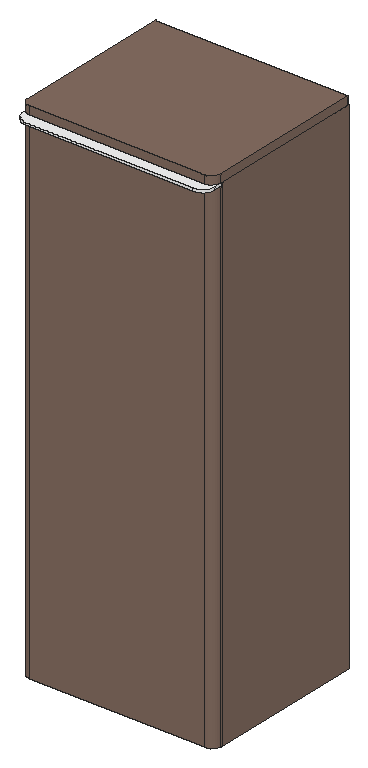
Revit family "mid-height cabinet, door hinge", category Furniture, Revit 2019 (continued)
Types (48, lengths in mm): name | SURFACE | SPECIFICATION | PRODUCTURL | PERMALINK | OBERFLAECHE | NB | NAME | Model | Mid-height cabinet 400_350, door hinge right-54134700-Dark Walnut-MATT_WHITE-400_RX0RY0RZ0TX0TY0TZ0_V | Mid-height cabinet 400_350, door hinge right-54134700-Dark Walnut-MATT_WHITE-200_RX0RY0RZ0TX0TY0TZ0_V | Mid-height cabinet 400_350, door hinge right-54134670-Dark Walnut-MATT_BLACK-400_RX0RY0RZ0TX0TY0TZ0_V | Mid-height cabinet 400_350, door hinge right-54134670-Dark Walnut-MATT_BLACK-200_RX0RY0RZ0TX0TY0TZ0_V | Mid-height cabinet 400_350, door hinge right-54134000-Dark Walnut-CHROME-400_RX0RY0RZ0TX0TY0TZ0_V | Mid-height cabinet 400_350, door hinge right-54134000-Dark Walnut-CHROME-200_RX0RY0RZ0TX0TY0TZ0_V | Mid-height cabinet 400_350, door hinge right-54133700-Natural Oak-MATT_WHITE-400_RX0RY0RZ0TX0TY0TZ0_V | Mid-height cabinet 400_350, door hinge right-54133700-Natural Oak-MATT_WHITE-200_RX0RY0RZ0TX0TY0TZ0_V | Mid-height cabinet 400_350, door hinge right-54133670-Natural Oak-MATT_BLACK-400_RX0RY0RZ0TX0TY0TZ0_V | Mid-height cabinet 400_350, door hinge right-54133670-Natural Oak-MATT_BLACK-200_RX0RY0RZ0TX0TY0TZ0_V | Mid-height cabinet 400_350, door hinge right-54133000-Natural Oak-CHROME-400_RX0RY0RZ0TX0TY0TZ0_V | Mid-height cabinet 400_350, door hinge right-54133000-Natural Oak-CHROME-200_RX0RY0RZ0TX0TY0TZ0_V | Mid-height cabinet 400_350, door hinge right-54132700-Diamond Matt Grey-MATT_WHITE-400_RX0RY0RZ0TX0TY0TZ0_V | Mid-height cabinet 400_350, door hinge right-54132700-Diamond Matt Grey-MATT_WHITE-200_RX0RY0RZ0TX0TY0TZ0_V | Mid-height cabinet 400_350, door hinge right-54132670-Diamond Matt Grey-MATT_BLACK-400_RX0RY0RZ0TX0TY0TZ0_V | Mid-height cabinet 400_350, door hinge right-54132670-Diamond Matt Grey-MATT_BLACK-200_RX0RY0RZ0TX0TY0TZ0_V | Mid-height cabinet 400_350, door hinge right-54132000-Diamond Matt Grey-CHROME-400_RX0RY0RZ0TX0TY0TZ0_V | Mid-height cabinet 400_350, door hinge right-54132000-Diamond Matt Grey-CHROME-200_RX0RY0RZ0TX0TY0TZ0_V | Mid-height cabinet 400_350, door hinge right-54131700-High Gloss White-MATT_WHITE-400_RX0RY0RZ0TX0TY0TZ0_V | Mid-height cabinet 400_350, door hinge right-54131700-High Gloss White-MATT_WHITE-200_RX0RY0RZ0TX0TY0TZ0_V | Mid-height cabinet 400_350, door hinge right-54131670-High Gloss White-MATT_BLACK-400_RX0RY0RZ0TX0TY0TZ0_V | Mid-height cabinet 400_350, door hinge right-54131670-High Gloss White-MATT_BLACK-200_RX0RY0RZ0TX0TY0TZ0_V | Mid-height cabinet 400_350, door hinge right-54131000-High Gloss White-CHROME-400_RX0RY0RZ0TX0TY0TZ0_V | Mid-height cabinet 400_350, door hinge right-54131000-High Gloss White-CHROME-200_RX0RY0RZ0TX0TY0TZ0_V | Mid-height cabinet 400_350, door hinge left-54130700-Dark Walnut-MATT_WHITE-400_RX0RY0RZ0TX0TY0TZ0_V | Mid-height cabinet 400_350, door hinge left-54130700-Dark Walnut-MATT_WHITE-200_RX0RY0RZ0TX0TY0TZ0_V | Mid-height cabinet 400_350, door hinge left-54130670-Dark Walnut-MATT_BLACK-400_RX0RY0RZ0TX0TY0TZ0_V | Mid-height cabinet 400_350, door hinge left-54130670-Dark Walnut-MATT_BLACK-200_RX0RY0RZ0TX0TY0TZ0_V | Mid-height cabinet 400_350, door hinge left-54130000-Dark Walnut-CHROME-400_RX0RY0RZ0TX0TY0TZ0_V | Mid-height cabinet 400_350, door hinge left-54130000-Dark Walnut-CHROME-200_RX0RY0RZ0TX0TY0TZ0_V | Mid-height cabinet 400_350, door hinge left-54129700-Natural Oak-MATT_WHITE-400_RX0RY0RZ0TX0TY0TZ0_V | Mid-height cabinet 400_350, door hinge left-54129700-Natural Oak-MATT_WHITE-200_RX0RY0RZ0TX0TY0TZ0_V | Mid-height cabinet 400_350, door hinge left-54129670-Natural Oak-MATT_BLACK-400_RX0RY0RZ0TX0TY0TZ0_V | Mid-height cabinet 400_350, door hinge left-54129670-Natural Oak-MATT_BLACK-200_RX0RY0RZ0TX0TY0TZ0_V | Mid-height cabinet 400_350, door hinge left-54129000-Natural Oak-CHROME-400_RX0RY0RZ0TX0TY0TZ0_V | Mid-height cabinet 400_350, door hinge left-54129000-Natural Oak-CHROME-200_RX0RY0RZ0TX0TY0TZ0_V | Mid-height cabinet 400_350, door hinge left-54128700-Diamond Matt Grey-MATT_WHITE-400_RX0RY0RZ0TX0TY0TZ0_V | Mid-height cabinet 400_350, door hinge left-54128700-Diamond Matt Grey-MATT_WHITE-200_RX0RY0RZ0TX0TY0TZ0_V | Mid-height cabinet 400_350, door hinge left-54128670-Diamond Matt Grey-MATT_BLACK-400_RX0RY0RZ0TX0TY0TZ0_V | Mid-height cabinet 400_350, door hinge left-54128670-Diamond Matt Grey-MATT_BLACK-200_RX0RY0RZ0TX0TY0TZ0_V | Mid-height cabinet 400_350, door hinge left-54128000-Diamond Matt Grey-CHROME-400_RX0RY0RZ0TX0TY0TZ0_V | Mid-height cabinet 400_350, door hinge left-54128000-Diamond Matt Grey-CHROME-200_RX0RY0RZ0TX0TY0TZ0_V | Mid-height cabinet 400_350, door hinge left-54127700-High Gloss White-MATT_WHITE-400_RX0RY0RZ0TX0TY0TZ0_V | Mid-height cabinet 400_350, door hinge left-54127700-High Gloss White-MATT_WHITE-200_RX0RY0RZ0TX0TY0TZ0_V | Mid-height cabinet 400_350, door hinge left-54127670-High Gloss White-MATT_BLACK-400_RX0RY0RZ0TX0TY0TZ0_V | Mid-height cabinet 400_350, door hinge left-54127670-High Gloss White-MATT_BLACK-200_RX0RY0RZ0TX0TY0TZ0_V | Mid-height cabinet 400_350, door hinge left-54127000-High Gloss White-CHROME-400_RX0RY0RZ0TX0TY0TZ0_V | Mid-height cabinet 400_350, door hinge left-54127000-High Gloss White-CHROME-200_RX0RY0RZ0TX0TY0TZ0_V | MIdent | LODLEVEL | LINA | GTINCODE | BASENUMBER | ARTNR
  Mid-height cabinet 400_350, door hinge left-54129700-Natural Oak-MATT_WHITE-400 | "MATT_WHITE" | "Surfaces:    - 54129000 Chrome  - 54129670 Matt Black  - 54129700 Matt White      Specification:" | "https://pro.hansgrohe.com/articledetail--54129000" | "54129XXX" | "Natural Oak" | "Mid-height cabinet 400/350, door hinge left-54129700-Natural Oak-MATT_WHITE-400" | "Xelu Q Mid-height cabinet Natural Oak 400/350, door hinge left" | "Mid-height cabinet 400/350, door hinge left-54129700-Natural Oak-MATT_WHITE-400" | no | no | no | no | no | no | no | no | no | no | no | no | no | no | no | no | no | no | no | no | no | no | no | no | no | no | no | no | no | no | yes | no | no | no | no | no | no | no | no | no | no | no | no | no | no | no | no | no | "{$CADENAS_DATA/23d-libs/hansgrohe/xelu_furniture/mid-height_cabinet_door_hinge/mid-height_cabinet_door_hinge.prj},330 {VTYP=3D},{NB=Mid-height cabinet 400/350, door hinge left-54129700-Natural Oak-MATT_WHITE-400},{LINA=Mid-height cabinet 400/350, door hinge left-54129700-Natural Oak-MATT_WHITE-400},{NN=Mid-height cabinet, door hinge},{DATE=13.03.2023 02:22:41},{GEOMDATE=13.03.2023 02:22:00},{VERSION=},{LINEID=90},{WBVAR=LODLEVEL},{WBNUMERIC=}  {NB=Mid-height cabinet 400/350, door hinge left-54129700-Natural Oak-MATT_WHITE-400},{LINA=Mid-height cabinet 400/350, door hinge left-54129700-Natural Oak-MATT_WHITE-400},{KT=DUMMY},{IDNR=9},{ARTNR=54129700},{BASENUMBER=Mid-height cabinet 400/350, door hinge left},{MODEL=54129XXX},{OBERFLAECHE=Natural Oak},{SURFACE=MATT_WHITE},{L=400},{LODLEVEL=400},{LODLEVELX='400','400','200','200'},{NAME=Xelu Q Mid-height cabinet Natural Oak 400/350, door hinge left},{PERMALINK=54129XXX},{OBJECTTYPE=Object (single object)},{BIMOBJECT=Sanitary: Compound units},{PRODUCTFAMILY=Xelu Q},{PRODUCTGROUP=bathroom vanity},{WEIGHT=25.3},{DESCRIPTION=Xelu Q Mid-height cabinet Natural Oak 400/350, door hinge left},{SPECIFICATION=Surfaces:    - 54129000 Chrome  - 54129670 Matt Black  - 54129700 Matt White      Specification:},{PRODUCTURL=https://pro.hansgrohe.com/articledetail--54129000},{GTINCODE=4059625458112},{TENDERURL=},{IFC=Furnishing element},{ETIM=EC011381 | Bathroom furniture set},{UNICLASS2015=Pr_40_30_78_05 | Bathroom furniture},{OMNICLASS=23-21 19 15 33 13 | Residential Bathroom Specialty Casework},{MASTERFORMAT=12 35 30.23 | Bathroom Casework},{UNSPSC=56 | Furniture and Furnishings},{UNIFORMATII=E2010 | Fixed Furnishings},{REGIONSET=Worldwide},{DESIGN=Germany},{MANUFACTURER=Germany}" | "400" | "Mid-height cabinet 400/350, door hinge left-54129700-Natural Oak-MATT_WHITE-400" | "4059625458112" | "Mid-height cabinet 400/350, door hinge left" | "54129700"
  Mid-height cabinet 400_350, door hinge left-54130000-Dark Walnut-CHROME-200 | "CHROME" | "Surfaces:    - 54130000 Chrome  - 54130670 Matt Black  - 54130700 Matt White      Specification:" | "https://pro.hansgrohe.com/articledetail--54130000" | "54130XXX" | "Dark Walnut" | "Mid-height cabinet 400/350, door hinge left-54130000-Dark Walnut-CHROME-200" | "Xelu Q Mid-height cabinet Dark Walnut 400/350, door hinge left" | "Mid-height cabinet 400/350, door hinge left-54130000-Dark Walnut-CHROME-200" | no | no | no | no | no | no | no | no | no | no | no | no | no | no | no | no | no | no | no | no | no | no | no | no | no | no | no | no | no | yes | no | no | no | no | no | no | no | no | no | no | no | no | no | no | no | no | no | no | "{$CADENAS_DATA/23d-libs/hansgrohe/xelu_furniture/mid-height_cabinet_door_hinge/mid-height_cabinet_door_hinge.prj},323 {VTYP=3D},{NB=Mid-height cabinet 400/350, door hinge left-54130000-Dark Walnut-CHROME-200},{LINA=Mid-height cabinet 400/350, door hinge left-54130000-Dark Walnut-CHROME-200},{NN=Mid-height cabinet, door hinge},{DATE=13.03.2023 02:22:41},{GEOMDATE=13.03.2023 02:22:00},{VERSION=},{LINEID=110},{WBVAR=LODLEVEL},{WBNUMERIC=}  {NB=Mid-height cabinet 400/350, door hinge left-54130000-Dark Walnut-CHROME-200},{LINA=Mid-height cabinet 400/350, door hinge left-54130000-Dark Walnut-CHROME-200},{KT=DUMMY},{IDNR=11},{ARTNR=54130000},{BASENUMBER=Mid-height cabinet 400/350, door hinge left},{MODEL=54130XXX},{OBERFLAECHE=Dark Walnut},{SURFACE=CHROME},{L=400},{LODLEVEL=200},{LODLEVELX='400','400','200','200'},{NAME=Xelu Q Mid-height cabinet Dark Walnut 400/350, door hinge left},{PERMALINK=54130XXX},{OBJECTTYPE=Object (single object)},{BIMOBJECT=Sanitary: Compound units},{PRODUCTFAMILY=Xelu Q},{PRODUCTGROUP=bathroom vanity},{WEIGHT=25.3},{DESCRIPTION=Xelu Q Mid-height cabinet Dark Walnut 400/350, door hinge left},{SPECIFICATION=Surfaces:    - 54130000 Chrome  - 54130670 Matt Black  - 54130700 Matt White      Specification:},{PRODUCTURL=https://pro.hansgrohe.com/articledetail--54130000},{GTINCODE=4059625458082},{TENDERURL=},{IFC=Furnishing element},{ETIM=EC011381 | Bathroom furniture set},{UNICLASS2015=Pr_40_30_78_05 | Bathroom furniture},{OMNICLASS=23-21 19 15 33 13 | Residential Bathroom Specialty Casework},{MASTERFORMAT=12 35 30.23 | Bathroom Casework},{UNSPSC=56 | Furniture and Furnishings},{UNIFORMATII=E2010 | Fixed Furnishings},{REGIONSET=Worldwide},{DESIGN=Germany},{MANUFACTURER=Germany}" | "200" | "Mid-height cabinet 400/350, door hinge left-54130000-Dark Walnut-CHROME-200" | "4059625458082" | "Mid-height cabinet 400/350, door hinge left" | "54130000"
  Mid-height cabinet 400_350, door hinge left-54130000-Dark Walnut-CHROME-400 | "CHROME" | "Surfaces:    - 54130000 Chrome  - 54130670 Matt Black  - 54130700 Matt White      Specification:" | "https://pro.hansgrohe.com/articledetail--54130000" | "54130XXX" | "Dark Walnut" | "Mid-height cabinet 400/350, door hinge left-54130000-Dark Walnut-CHROME-400" | "Xelu Q Mid-height cabinet Dark Walnut 400/350, door hinge left" | "Mid-height cabinet 400/350, door hinge left-54130000-Dark Walnut-CHROME-400" | no | no | no | no | no | no | no | no | no | no | no | no | no | no | no | no | no | no | no | no | no | no | no | no | no | no | no | no | yes | no | no | no | no | no | no | no | no | no | no | no | no | no | no | no | no | no | no | no | "{$CADENAS_DATA/23d-libs/hansgrohe/xelu_furniture/mid-height_cabinet_door_hinge/mid-height_cabinet_door_hinge.prj},323 {VTYP=3D},{NB=Mid-height cabinet 400/350, door hinge left-54130000-Dark Walnut-CHROME-400},{LINA=Mid-height cabinet 400/350, door hinge left-54130000-Dark Walnut-CHROME-400},{NN=Mid-height cabinet, door hinge},{DATE=13.03.2023 02:22:41},{GEOMDATE=13.03.2023 02:22:00},{VERSION=},{LINEID=110},{WBVAR=LODLEVEL},{WBNUMERIC=}  {NB=Mid-height cabinet 400/350, door hinge left-54130000-Dark Walnut-CHROME-400},{LINA=Mid-height cabinet 400/350, door hinge left-54130000-Dark Walnut-CHROME-400},{KT=DUMMY},{IDNR=11},{ARTNR=54130000},{BASENUMBER=Mid-height cabinet 400/350, door hinge left},{MODEL=54130XXX},{OBERFLAECHE=Dark Walnut},{SURFACE=CHROME},{L=400},{LODLEVEL=400},{LODLEVELX='400','400','200','200'},{NAME=Xelu Q Mid-height cabinet Dark Walnut 400/350, door hinge left},{PERMALINK=54130XXX},{OBJECTTYPE=Object (single object)},{BIMOBJECT=Sanitary: Compound units},{PRODUCTFAMILY=Xelu Q},{PRODUCTGROUP=bathroom vanity},{WEIGHT=25.3},{DESCRIPTION=Xelu Q Mid-height cabinet Dark Walnut 400/350, door hinge left},{SPECIFICATION=Surfaces:    - 54130000 Chrome  - 54130670 Matt Black  - 54130700 Matt White      Specification:},{PRODUCTURL=https://pro.hansgrohe.com/articledetail--54130000},{GTINCODE=4059625458082},{TENDERURL=},{IFC=Furnishing element},{ETIM=EC011381 | Bathroom furniture set},{UNICLASS2015=Pr_40_30_78_05 | Bathroom furniture},{OMNICLASS=23-21 19 15 33 13 | Residential Bathroom Specialty Casework},{MASTERFORMAT=12 35 30.23 | Bathroom Casework},{UNSPSC=56 | Furniture and Furnishings},{UNIFORMATII=E2010 | Fixed Furnishings},{REGIONSET=Worldwide},{DESIGN=Germany},{MANUFACTURER=Germany}" | "400" | "Mid-height cabinet 400/350, door hinge left-54130000-Dark Walnut-CHROME-400" | "4059625458082" | "Mid-height cabinet 400/350, door hinge left" | "54130000"
  Mid-height cabinet 400_350, door hinge left-54130670-Dark Walnut-MATT_BLACK-200 | "MATT_BLACK" | "Surfaces:    - 54130000 Chrome  - 54130670 Matt Black  - 54130700 Matt White      Specification:" | "https://pro.hansgrohe.com/articledetail--54130000" | "54130XXX" | "Dark Walnut" | "Mid-height cabinet 400/350, door hinge left-54130670-Dark Walnut-MATT_BLACK-200" | "Xelu Q Mid-height cabinet Dark Walnut 400/350, door hinge left" | "Mid-height cabinet 400/350, door hinge left-54130670-Dark Walnut-MATT_BLACK-200" | no | no | no | no | no | no | no | no | no | no | no | no | no | no | no | no | no | no | no | no | no | no | no | no | no | no | no | yes | no | no | no | no | no | no | no | no | no | no | no | no | no | no | no | no | no | no | no | no | "{$CADENAS_DATA/23d-libs/hansgrohe/xelu_furniture/mid-height_cabinet_door_hinge/mid-height_cabinet_door_hinge.prj},331 {VTYP=3D},{NB=Mid-height cabinet 400/350, door hinge left-54130670-Dark Walnut-MATT_BLACK-200},{LINA=Mid-height cabinet 400/350, door hinge left-54130670-Dark Walnut-MATT_BLACK-200},{NN=Mid-height cabinet, door hinge},{DATE=13.03.2023 02:22:41},{GEOMDATE=13.03.2023 02:22:00},{VERSION=},{LINEID=100},{WBVAR=LODLEVEL},{WBNUMERIC=}  {NB=Mid-height cabinet 400/350, door hinge left-54130670-Dark Walnut-MATT_BLACK-200},{LINA=Mid-height cabinet 400/350, door hinge left-54130670-Dark Walnut-MATT_BLACK-200},{KT=DUMMY},{IDNR=10},{ARTNR=54130670},{BASENUMBER=Mid-height cabinet 400/350, door hinge left},{MODEL=54130XXX},{OBERFLAECHE=Dark Walnut},{SURFACE=MATT_BLACK},{L=400},{LODLEVEL=200},{LODLEVELX='400','400','200','200'},{NAME=Xelu Q Mid-height cabinet Dark Walnut 400/350, door hinge left},{PERMALINK=54130XXX},{OBJECTTYPE=Object (single object)},{BIMOBJECT=Sanitary: Compound units},{PRODUCTFAMILY=Xelu Q},{PRODUCTGROUP=bathroom vanity},{WEIGHT=25.3},{DESCRIPTION=Xelu Q Mid-height cabinet Dark Walnut 400/350, door hinge left},{SPECIFICATION=Surfaces:    - 54130000 Chrome  - 54130670 Matt Black  - 54130700 Matt White      Specification:},{PRODUCTURL=https://pro.hansgrohe.com/articledetail--54130000},{GTINCODE=4059625458082},{TENDERURL=},{IFC=Furnishing element},{ETIM=EC011381 | Bathroom furniture set},{UNICLASS2015=Pr_40_30_78_05 | Bathroom furniture},{OMNICLASS=23-21 19 15 33 13 | Residential Bathroom Specialty Casework},{MASTERFORMAT=12 35 30.23 | Bathroom Casework},{UNSPSC=56 | Furniture and Furnishings},{UNIFORMATII=E2010 | Fixed Furnishings},{REGIONSET=Worldwide},{DESIGN=Germany},{MANUFACTURER=Germany}" | "200" | "Mid-height cabinet 400/350, door hinge left-54130670-Dark Walnut-MATT_BLACK-200" | "4059625458082" | "Mid-height cabinet 400/350, door hinge left" | "54130670"
  Mid-height cabinet 400_350, door hinge left-54130670-Dark Walnut-MATT_BLACK-400 | "MATT_BLACK" | "Surfaces:    - 54130000 Chrome  - 54130670 Matt Black  - 54130700 Matt White      Specification:" | "https://pro.hansgrohe.com/articledetail--54130000" | "54130XXX" | "Dark Walnut" | "Mid-height cabinet 400/350, door hinge left-54130670-Dark Walnut-MATT_BLACK-400" | "Xelu Q Mid-height cabinet Dark Walnut 400/350, door hinge left" | "Mid-height cabinet 400/350, door hinge left-54130670-Dark Walnut-MATT_BLACK-400" | no | no | no | no | no | no | no | no | no | no | no | no | no | no | no | no | no | no | no | no | no | no | no | no | no | no | yes | no | no | no | no | no | no | no | no | no | no | no | no | no | no | no | no | no | no | no | no | no | "{$CADENAS_DATA/23d-libs/hansgrohe/xelu_furniture/mid-height_cabinet_door_hinge/mid-height_cabinet_door_hinge.prj},331 {VTYP=3D},{NB=Mid-height cabinet 400/350, door hinge left-54130670-Dark Walnut-MATT_BLACK-400},{LINA=Mid-height cabinet 400/350, door hinge left-54130670-Dark Walnut-MATT_BLACK-400},{NN=Mid-height cabinet, door hinge},{DATE=13.03.2023 02:22:41},{GEOMDATE=13.03.2023 02:22:00},{VERSION=},{LINEID=100},{WBVAR=LODLEVEL},{WBNUMERIC=}  {NB=Mid-height cabinet 400/350, door hinge left-54130670-Dark Walnut-MATT_BLACK-400},{LINA=Mid-height cabinet 400/350, door hinge left-54130670-Dark Walnut-MATT_BLACK-400},{KT=DUMMY},{IDNR=10},{ARTNR=54130670},{BASENUMBER=Mid-height cabinet 400/350, door hinge left},{MODEL=54130XXX},{OBERFLAECHE=Dark Walnut},{SURFACE=MATT_BLACK},{L=400},{LODLEVEL=400},{LODLEVELX='400','400','200','200'},{NAME=Xelu Q Mid-height cabinet Dark Walnut 400/350, door hinge left},{PERMALINK=54130XXX},{OBJECTTYPE=Object (single object)},{BIMOBJECT=Sanitary: Compound units},{PRODUCTFAMILY=Xelu Q},{PRODUCTGROUP=bathroom vanity},{WEIGHT=25.3},{DESCRIPTION=Xelu Q Mid-height cabinet Dark Walnut 400/350, door hinge left},{SPECIFICATION=Surfaces:    - 54130000 Chrome  - 54130670 Matt Black  - 54130700 Matt White      Specification:},{PRODUCTURL=https://pro.hansgrohe.com/articledetail--54130000},{GTINCODE=4059625458082},{TENDERURL=},{IFC=Furnishing element},{ETIM=EC011381 | Bathroom furniture set},{UNICLASS2015=Pr_40_30_78_05 | Bathroom furniture},{OMNICLASS=23-21 19 15 33 13 | Residential Bathroom Specialty Casework},{MASTERFORMAT=12 35 30.23 | Bathroom Casework},{UNSPSC=56 | Furniture and Furnishings},{UNIFORMATII=E2010 | Fixed Furnishings},{REGIONSET=Worldwide},{DESIGN=Germany},{MANUFACTURER=Germany}" | "400" | "Mid-height cabinet 400/350, door hinge left-54130670-Dark Walnut-MATT_BLACK-400" | "4059625458082" | "Mid-height cabinet 400/350, door hinge left" | "54130670"
  Mid-height cabinet 400_350, door hinge left-54130700-Dark Walnut-MATT_WHITE-200 | "MATT_WHITE" | "Surfaces:    - 54130000 Chrome  - 54130670 Matt Black  - 54130700 Matt White      Specification:" | "https://pro.hansgrohe.com/articledetail--54130000" | "54130XXX" | "Dark Walnut" | "Mid-height cabinet 400/350, door hinge left-54130700-Dark Walnut-MATT_WHITE-200" | "Xelu Q Mid-height cabinet Dark Walnut 400/350, door hinge left" | "Mid-height cabinet 400/350, door hinge left-54130700-Dark Walnut-MATT_WHITE-200" | no | no | no | no | no | no | no | no | no | no | no | no | no | no | no | no | no | no | no | no | no | no | no | no | no | yes | no | no | no | no | no | no | no | no | no | no | no | no | no | no | no | no | no | no | no | no | no | no | "{$CADENAS_DATA/23d-libs/hansgrohe/xelu_furniture/mid-height_cabinet_door_hinge/mid-height_cabinet_door_hinge.prj},331 {VTYP=3D},{NB=Mid-height cabinet 400/350, door hinge left-54130700-Dark Walnut-MATT_WHITE-200},{LINA=Mid-height cabinet 400/350, door hinge left-54130700-Dark Walnut-MATT_WHITE-200},{NN=Mid-height cabinet, door hinge},{DATE=13.03.2023 02:22:41},{GEOMDATE=13.03.2023 02:22:00},{VERSION=},{LINEID=120},{WBVAR=LODLEVEL},{WBNUMERIC=}  {NB=Mid-height cabinet 400/350, door hinge left-54130700-Dark Walnut-MATT_WHITE-200},{LINA=Mid-height cabinet 400/350, door hinge left-54130700-Dark Walnut-MATT_WHITE-200},{KT=DUMMY},{IDNR=12},{ARTNR=54130700},{BASENUMBER=Mid-height cabinet 400/350, door hinge left},{MODEL=54130XXX},{OBERFLAECHE=Dark Walnut},{SURFACE=MATT_WHITE},{L=400},{LODLEVEL=200},{LODLEVELX='400','400','200','200'},{NAME=Xelu Q Mid-height cabinet Dark Walnut 400/350, door hinge left},{PERMALINK=54130XXX},{OBJECTTYPE=Object (single object)},{BIMOBJECT=Sanitary: Compound units},{PRODUCTFAMILY=Xelu Q},{PRODUCTGROUP=bathroom vanity},{WEIGHT=25.3},{DESCRIPTION=Xelu Q Mid-height cabinet Dark Walnut 400/350, door hinge left},{SPECIFICATION=Surfaces:    - 54130000 Chrome  - 54130670 Matt Black  - 54130700 Matt White      Specification:},{PRODUCTURL=https://pro.hansgrohe.com/articledetail--54130000},{GTINCODE=4059625458082},{TENDERURL=},{IFC=Furnishing element},{ETIM=EC011381 | Bathroom furniture set},{UNICLASS2015=Pr_40_30_78_05 | Bathroom furniture},{OMNICLASS=23-21 19 15 33 13 | Residential Bathroom Specialty Casework},{MASTERFORMAT=12 35 30.23 | Bathroom Casework},{UNSPSC=56 | Furniture and Furnishings},{UNIFORMATII=E2010 | Fixed Furnishings},{REGIONSET=Worldwide},{DESIGN=Germany},{MANUFACTURER=Germany}" | "200" | "Mid-height cabinet 400/350, door hinge left-54130700-Dark Walnut-MATT_WHITE-200" | "4059625458082" | "Mid-height cabinet 400/350, door hinge left" | "54130700"
  Mid-height cabinet 400_350, door hinge left-54130700-Dark Walnut-MATT_WHITE-400 | "MATT_WHITE" | "Surfaces:    - 54130000 Chrome  - 54130670 Matt Black  - 54130700 Matt White      Specification:" | "https://pro.hansgrohe.com/articledetail--54130000" | "54130XXX" | "Dark Walnut" | "Mid-height cabinet 400/350, door hinge left-54130700-Dark Walnut-MATT_WHITE-400" | "Xelu Q Mid-height cabinet Dark Walnut 400/350, door hinge left" | "Mid-height cabinet 400/350, door hinge left-54130700-Dark Walnut-MATT_WHITE-400" | no | no | no | no | no | no | no | no | no | no | no | no | no | no | no | no | no | no | no | no | no | no | no | no | yes | no | no | no | no | no | no | no | no | no | no | no | no | no | no | no | no | no | no | no | no | no | no | no | "{$CADENAS_DATA/23d-libs/hansgrohe/xelu_furniture/mid-height_cabinet_door_hinge/mid-height_cabinet_door_hinge.prj},331 {VTYP=3D},{NB=Mid-height cabinet 400/350, door hinge left-54130700-Dark Walnut-MATT_WHITE-400},{LINA=Mid-height cabinet 400/350, door hinge left-54130700-Dark Walnut-MATT_WHITE-400},{NN=Mid-height cabinet, door hinge},{DATE=13.03.2023 02:22:41},{GEOMDATE=13.03.2023 02:22:00},{VERSION=},{LINEID=120},{WBVAR=LODLEVEL},{WBNUMERIC=}  {NB=Mid-height cabinet 400/350, door hinge left-54130700-Dark Walnut-MATT_WHITE-400},{LINA=Mid-height cabinet 400/350, door hinge left-54130700-Dark Walnut-MATT_WHITE-400},{KT=DUMMY},{IDNR=12},{ARTNR=54130700},{BASENUMBER=Mid-height cabinet 400/350, door hinge left},{MODEL=54130XXX},{OBERFLAECHE=Dark Walnut},{SURFACE=MATT_WHITE},{L=400},{LODLEVEL=400},{LODLEVELX='400','400','200','200'},{NAME=Xelu Q Mid-height cabinet Dark Walnut 400/350, door hinge left},{PERMALINK=54130XXX},{OBJECTTYPE=Object (single object)},{BIMOBJECT=Sanitary: Compound units},{PRODUCTFAMILY=Xelu Q},{PRODUCTGROUP=bathroom vanity},{WEIGHT=25.3},{DESCRIPTION=Xelu Q Mid-height cabinet Dark Walnut 400/350, door hinge left},{SPECIFICATION=Surfaces:    - 54130000 Chrome  - 54130670 Matt Black  - 54130700 Matt White      Specification:},{PRODUCTURL=https://pro.hansgrohe.com/articledetail--54130000},{GTINCODE=4059625458082},{TENDERURL=},{IFC=Furnishing element},{ETIM=EC011381 | Bathroom furniture set},{UNICLASS2015=Pr_40_30_78_05 | Bathroom furniture},{OMNICLASS=23-21 19 15 33 13 | Residential Bathroom Specialty Casework},{MASTERFORMAT=12 35 30.23 | Bathroom Casework},{UNSPSC=56 | Furniture and Furnishings},{UNIFORMATII=E2010 | Fixed Furnishings},{REGIONSET=Worldwide},{DESIGN=Germany},{MANUFACTURER=Germany}" | "400" | "Mid-height cabinet 400/350, door hinge left-54130700-Dark Walnut-MATT_WHITE-400" | "4059625458082" | "Mid-height cabinet 400/350, door hinge left" | "54130700"
  Mid-height cabinet 400_350, door hinge right-54131000-High Gloss White-CHROME-200 | "CHROME" | "Surfaces:    - 54131000 Chrome  - 54131670 Matt Black  - 54131700 Matt White      Specification:" | "https://pro.hansgrohe.com/articledetail--54131000" | "54131XXX" | "High Gloss White" | "Mid-height cabinet 400/350, door hinge right-54131000-High Gloss White-CHROME-200" | "Xelu Q Mid-height cabinet High Gloss White 400/350, door hinge right" | "Mid-height cabinet 400/350, door hinge right-54131000-High Gloss White-CHROME-200" | no | no | no | no | no | no | no | no | no | no | no | no | no | no | no | no | no | no | no | no | no | no | no | yes | no | no | no | no | no | no | no | no | no | no | no | no | no | no | no | no | no | no | no | no | no | no | no | no | "{$CADENAS_DATA/23d-libs/hansgrohe/xelu_furniture/mid-height_cabinet_door_hinge/mid-height_cabinet_door_hinge.prj},335 {VTYP=3D},{NB=Mid-height cabinet 400/350, door hinge right-54131000-High Gloss White-CHROME-200},{LINA=Mid-height cabinet 400/350, door hinge right-54131000-High Gloss White-CHROME-200},{NN=Mid-height cabinet, door hinge},{DATE=13.03.2023 02:22:41},{GEOMDATE=13.03.2023 02:22:00},{VERSION=},{LINEID=130},{WBVAR=LODLEVEL},{WBNUMERIC=}  {NB=Mid-height cabinet 400/350, door hinge right-54131000-High Gloss White-CHROME-200},{LINA=Mid-height cabinet 400/350, door hinge right-54131000-High Gloss White-CHROME-200},{KT=DUMMY},{IDNR=13},{ARTNR=54131000},{BASENUMBER=Mid-height cabinet 400/350, door hinge right},{MODEL=54131XXX},{OBERFLAECHE=High Gloss White},{SURFACE=CHROME},{L=400},{LODLEVEL=200},{LODLEVELX='400','400','200','200'},{NAME=Xelu Q Mid-height cabinet High Gloss White 400/350, door hinge right},{PERMALINK=54131XXX},{OBJECTTYPE=Object (single object)},{BIMOBJECT=Sanitary: Compound units},{PRODUCTFAMILY=Xelu Q},{PRODUCTGROUP=bathroom vanity},{WEIGHT=25.3},{DESCRIPTION=Xelu Q Mid-height cabinet High Gloss White 400/350, door hinge right},{SPECIFICATION=Surfaces:    - 54131000 Chrome  - 54131670 Matt Black  - 54131700 Matt White      Specification:},{PRODUCTURL=https://pro.hansgrohe.com/articledetail--54131000},{GTINCODE=4059625458051},{TENDERURL=},{IFC=Furnishing element},{ETIM=EC011381 | Bathroom furniture set},{UNICLASS2015=Pr_40_30_78_05 | Bathroom furniture},{OMNICLASS=23-21 19 15 33 13 | Residential Bathroom Specialty Casework},{MASTERFORMAT=12 35 30.23 | Bathroom Casework},{UNSPSC=56 | Furniture and Furnishings},{UNIFORMATII=E2010 | Fixed Furnishings},{REGIONSET=Worldwide},{DESIGN=Germany},{MANUFACTURER=Germany}" | "200" | "Mid-height cabinet 400/350, door hinge right-54131000-High Gloss White-CHROME-200" | "4059625458051" | "Mid-height cabinet 400/350, door hinge right" | "54131000"
  Mid-height cabinet 400_350, door hinge right-54131000-High Gloss White-CHROME-400 | "CHROME" | "Surfaces:    - 54131000 Chrome  - 54131670 Matt Black  - 54131700 Matt White      Specification:" | "https://pro.hansgrohe.com/articledetail--54131000" | "54131XXX" | "High Gloss White" | "Mid-height cabinet 400/350, door hinge right-54131000-High Gloss White-CHROME-400" | "Xelu Q Mid-height cabinet High Gloss White 400/350, door hinge right" | "Mid-height cabinet 400/350, door hinge right-54131000-High Gloss White-CHROME-400" | no | no | no | no | no | no | no | no | no | no | no | no | no | no | no | no | no | no | no | no | no | no | yes | no | no | no | no | no | no | no | no | no | no | no | no | no | no | no | no | no | no | no | no | no | no | no | no | no | "{$CADENAS_DATA/23d-libs/hansgrohe/xelu_furniture/mid-height_cabinet_door_hinge/mid-height_cabinet_door_hinge.prj},335 {VTYP=3D},{NB=Mid-height cabinet 400/350, door hinge right-54131000-High Gloss White-CHROME-400},{LINA=Mid-height cabinet 400/350, door hinge right-54131000-High Gloss White-CHROME-400},{NN=Mid-height cabinet, door hinge},{DATE=13.03.2023 02:22:41},{GEOMDATE=13.03.2023 02:22:00},{VERSION=},{LINEID=130},{WBVAR=LODLEVEL},{WBNUMERIC=}  {NB=Mid-height cabinet 400/350, door hinge right-54131000-High Gloss White-CHROME-400},{LINA=Mid-height cabinet 400/350, door hinge right-54131000-High Gloss White-CHROME-400},{KT=DUMMY},{IDNR=13},{ARTNR=54131000},{BASENUMBER=Mid-height cabinet 400/350, door hinge right},{MODEL=54131XXX},{OBERFLAECHE=High Gloss White},{SURFACE=CHROME},{L=400},{LODLEVEL=400},{LODLEVELX='400','400','200','200'},{NAME=Xelu Q Mid-height cabinet High Gloss White 400/350, door hinge right},{PERMALINK=54131XXX},{OBJECTTYPE=Object (single object)},{BIMOBJECT=Sanitary: Compound units},{PRODUCTFAMILY=Xelu Q},{PRODUCTGROUP=bathroom vanity},{WEIGHT=25.3},{DESCRIPTION=Xelu Q Mid-height cabinet High Gloss White 400/350, door hinge right},{SPECIFICATION=Surfaces:    - 54131000 Chrome  - 54131670 Matt Black  - 54131700 Matt White      Specification:},{PRODUCTURL=https://pro.hansgrohe.com/articledetail--54131000},{GTINCODE=4059625458051},{TENDERURL=},{IFC=Furnishing element},{ETIM=EC011381 | Bathroom furniture set},{UNICLASS2015=Pr_40_30_78_05 | Bathroom furniture},{OMNICLASS=23-21 19 15 33 13 | Residential Bathroom Specialty Casework},{MASTERFORMAT=12 35 30.23 | Bathroom Casework},{UNSPSC=56 | Furniture and Furnishings},{UNIFORMATII=E2010 | Fixed Furnishings},{REGIONSET=Worldwide},{DESIGN=Germany},{MANUFACTURER=Germany}" | "400" | "Mid-height cabinet 400/350, door hinge right-54131000-High Gloss White-CHROME-400" | "4059625458051" | "Mid-height cabinet 400/350, door hinge right" | "54131000"
  Mid-height cabinet 400_350, door hinge right-54131670-High Gloss White-MATT_BLACK-200 | "MATT_BLACK" | "Surfaces:    - 54131000 Chrome  - 54131670 Matt Black  - 54131700 Matt White      Specification:" | "https://pro.hansgrohe.com/articledetail--54131000" | "54131XXX" | "High Gloss White" | "Mid-height cabinet 400/350, door hinge right-54131670-High Gloss White-MATT_BLACK-200" | "Xelu Q Mid-height cabinet High Gloss White 400/350, door hinge right" | "Mid-height cabinet 400/350, door hinge right-54131670-High Gloss White-MATT_BLACK-200" | no | no | no | no | no | no | no | no | no | no | no | no | no | no | no | no | no | no | no | no | no | yes | no | no | no | no | no | no | no | no | no | no | no | no | no | no | no | no | no | no | no | no | no | no | no | no | no | no | "{$CADENAS_DATA/23d-libs/hansgrohe/xelu_furniture/mid-height_cabinet_door_hinge/mid-height_cabinet_door_hinge.prj},343 {VTYP=3D},{NB=Mid-height cabinet 400/350, door hinge right-54131670-High Gloss White-MATT_BLACK-200},{LINA=Mid-height cabinet 400/350, door hinge right-54131670-High Gloss White-MATT_BLACK-200},{NN=Mid-height cabinet, door hinge},{DATE=13.03.2023 02:22:41},{GEOMDATE=13.03.2023 02:22:00},{VERSION=},{LINEID=150},{WBVAR=LODLEVEL},{WBNUMERIC=}  {NB=Mid-height cabinet 400/350, door hinge right-54131670-High Gloss White-MATT_BLACK-200},{LINA=Mid-height cabinet 400/350, door hinge right-54131670-High Gloss White-MATT_BLACK-200},{KT=DUMMY},{IDNR=15},{ARTNR=54131670},{BASENUMBER=Mid-height cabinet 400/350, door hinge right},{MODEL=54131XXX},{OBERFLAECHE=High Gloss White},{SURFACE=MATT_BLACK},{L=400},{LODLEVEL=200},{LODLEVELX='400','400','200','200'},{NAME=Xelu Q Mid-height cabinet High Gloss White 400/350, door hinge right},{PERMALINK=54131XXX},{OBJECTTYPE=Object (single object)},{BIMOBJECT=Sanitary: Compound units},{PRODUCTFAMILY=Xelu Q},{PRODUCTGROUP=bathroom vanity},{WEIGHT=25.3},{DESCRIPTION=Xelu Q Mid-height cabinet High Gloss White 400/350, door hinge right},{SPECIFICATION=Surfaces:    - 54131000 Chrome  - 54131670 Matt Black  - 54131700 Matt White      Specification:},{PRODUCTURL=https://pro.hansgrohe.com/articledetail--54131000},{GTINCODE=4059625458051},{TENDERURL=},{IFC=Furnishing element},{ETIM=EC011381 | Bathroom furniture set},{UNICLASS2015=Pr_40_30_78_05 | Bathroom furniture},{OMNICLASS=23-21 19 15 33 13 | Residential Bathroom Specialty Casework},{MASTERFORMAT=12 35 30.23 | Bathroom Casework},{UNSPSC=56 | Furniture and Furnishings},{UNIFORMATII=E2010 | Fixed Furnishings},{REGIONSET=Worldwide},{DESIGN=Germany},{MANUFACTURER=Germany}" | "200" | "Mid-height cabinet 400/350, door hinge right-54131670-High Gloss White-MATT_BLACK-200" | "4059625458051" | "Mid-height cabinet 400/350, door hinge right" | "54131670"
  Mid-height cabinet 400_350, door hinge right-54131670-High Gloss White-MATT_BLACK-400 | "MATT_BLACK" | "Surfaces:    - 54131000 Chrome  - 54131670 Matt Black  - 54131700 Matt White      Specification:" | "https://pro.hansgrohe.com/articledetail--54131000" | "54131XXX" | "High Gloss White" | "Mid-height cabinet 400/350, door hinge right-54131670-High Gloss White-MATT_BLACK-400" | "Xelu Q Mid-height cabinet High Gloss White 400/350, door hinge right" | "Mid-height cabinet 400/350, door hinge right-54131670-High Gloss White-MATT_BLACK-400" | no | no | no | no | no | no | no | no | no | no | no | no | no | no | no | no | no | no | no | no | yes | no | no | no | no | no | no | no | no | no | no | no | no | no | no | no | no | no | no | no | no | no | no | no | no | no | no | no | "{$CADENAS_DATA/23d-libs/hansgrohe/xelu_furniture/mid-height_cabinet_door_hinge/mid-height_cabinet_door_hinge.prj},343 {VTYP=3D},{NB=Mid-height cabinet 400/350, door hinge right-54131670-High Gloss White-MATT_BLACK-400},{LINA=Mid-height cabinet 400/350, door hinge right-54131670-High Gloss White-MATT_BLACK-400},{NN=Mid-height cabinet, door hinge},{DATE=13.03.2023 02:22:41},{GEOMDATE=13.03.2023 02:22:00},{VERSION=},{LINEID=150},{WBVAR=LODLEVEL},{WBNUMERIC=}  {NB=Mid-height cabinet 400/350, door hinge right-54131670-High Gloss White-MATT_BLACK-400},{LINA=Mid-height cabinet 400/350, door hinge right-54131670-High Gloss White-MATT_BLACK-400},{KT=DUMMY},{IDNR=15},{ARTNR=54131670},{BASENUMBER=Mid-height cabinet 400/350, door hinge right},{MODEL=54131XXX},{OBERFLAECHE=High Gloss White},{SURFACE=MATT_BLACK},{L=400},{LODLEVEL=400},{LODLEVELX='400','400','200','200'},{NAME=Xelu Q Mid-height cabinet High Gloss White 400/350, door hinge right},{PERMALINK=54131XXX},{OBJECTTYPE=Object (single object)},{BIMOBJECT=Sanitary: Compound units},{PRODUCTFAMILY=Xelu Q},{PRODUCTGROUP=bathroom vanity},{WEIGHT=25.3},{DESCRIPTION=Xelu Q Mid-height cabinet High Gloss White 400/350, door hinge right},{SPECIFICATION=Surfaces:    - 54131000 Chrome  - 54131670 Matt Black  - 54131700 Matt White      Specification:},{PRODUCTURL=https://pro.hansgrohe.com/articledetail--54131000},{GTINCODE=4059625458051},{TENDERURL=},{IFC=Furnishing element},{ETIM=EC011381 | Bathroom furniture set},{UNICLASS2015=Pr_40_30_78_05 | Bathroom furniture},{OMNICLASS=23-21 19 15 33 13 | Residential Bathroom Specialty Casework},{MASTERFORMAT=12 35 30.23 | Bathroom Casework},{UNSPSC=56 | Furniture and Furnishings},{UNIFORMATII=E2010 | Fixed Furnishings},{REGIONSET=Worldwide},{DESIGN=Germany},{MANUFACTURER=Germany}" | "400" | "Mid-height cabinet 400/350, door hinge right-54131670-High Gloss White-MATT_BLACK-400" | "4059625458051" | "Mid-height cabinet 400/350, door hinge right" | "54131670"
  Mid-height cabinet 400_350, door hinge right-54131700-High Gloss White-MATT_WHITE-200 | "MATT_WHITE" | "Surfaces:    - 54131000 Chrome  - 54131670 Matt Black  - 54131700 Matt White      Specification:" | "https://pro.hansgrohe.com/articledetail--54131000" | "54131XXX" | "High Gloss White" | "Mid-height cabinet 400/350, door hinge right-54131700-High Gloss White-MATT_WHITE-200" | "Xelu Q Mid-height cabinet High Gloss White 400/350, door hinge right" | "Mid-height cabinet 400/350, door hinge right-54131700-High Gloss White-MATT_WHITE-200" | no | no | no | no | no | no | no | no | no | no | no | no | no | no | no | no | no | no | no | yes | no | no | no | no | no | no | no | no | no | no | no | no | no | no | no | no | no | no | no | no | no | no | no | no | no | no | no | no | "{$CADENAS_DATA/23d-libs/hansgrohe/xelu_furniture/mid-height_cabinet_door_hinge/mid-height_cabinet_door_hinge.prj},343 {VTYP=3D},{NB=Mid-height cabinet 400/350, door hinge right-54131700-High Gloss White-MATT_WHITE-200},{LINA=Mid-height cabinet 400/350, door hinge right-54131700-High Gloss White-MATT_WHITE-200},{NN=Mid-height cabinet, door hinge},{DATE=13.03.2023 02:22:41},{GEOMDATE=13.03.2023 02:22:00},{VERSION=},{LINEID=140},{WBVAR=LODLEVEL},{WBNUMERIC=}  {NB=Mid-height cabinet 400/350, door hinge right-54131700-High Gloss White-MATT_WHITE-200},{LINA=Mid-height cabinet 400/350, door hinge right-54131700-High Gloss White-MATT_WHITE-200},{KT=DUMMY},{IDNR=14},{ARTNR=54131700},{BASENUMBER=Mid-height cabinet 400/350, door hinge right},{MODEL=54131XXX},{OBERFLAECHE=High Gloss White},{SURFACE=MATT_WHITE},{L=400},{LODLEVEL=200},{LODLEVELX='400','400','200','200'},{NAME=Xelu Q Mid-height cabinet High Gloss White 400/350, door hinge right},{PERMALINK=54131XXX},{OBJECTTYPE=Object (single object)},{BIMOBJECT=Sanitary: Compound units},{PRODUCTFAMILY=Xelu Q},{PRODUCTGROUP=bathroom vanity},{WEIGHT=25.3},{DESCRIPTION=Xelu Q Mid-height cabinet High Gloss White 400/350, door hinge right},{SPECIFICATION=Surfaces:    - 54131000 Chrome  - 54131670 Matt Black  - 54131700 Matt White      Specification:},{PRODUCTURL=https://pro.hansgrohe.com/articledetail--54131000},{GTINCODE=4059625458051},{TENDERURL=},{IFC=Furnishing element},{ETIM=EC011381 | Bathroom furniture set},{UNICLASS2015=Pr_40_30_78_05 | Bathroom furniture},{OMNICLASS=23-21 19 15 33 13 | Residential Bathroom Specialty Casework},{MASTERFORMAT=12 35 30.23 | Bathroom Casework},{UNSPSC=56 | Furniture and Furnishings},{UNIFORMATII=E2010 | Fixed Furnishings},{REGIONSET=Worldwide},{DESIGN=Germany},{MANUFACTURER=Germany}" | "200" | "Mid-height cabinet 400/350, door hinge right-54131700-High Gloss White-MATT_WHITE-200" | "4059625458051" | "Mid-height cabinet 400/350, door hinge right" | "54131700"
  Mid-height cabinet 400_350, door hinge right-54131700-High Gloss White-MATT_WHITE-400 | "MATT_WHITE" | "Surfaces:    - 54131000 Chrome  - 54131670 Matt Black  - 54131700 Matt White      Specification:" | "https://pro.hansgrohe.com/articledetail--54131000" | "54131XXX" | "High Gloss White" | "Mid-height cabinet 400/350, door hinge right-54131700-High Gloss White-MATT_WHITE-400" | "Xelu Q Mid-height cabinet High Gloss White 400/350, door hinge right" | "Mid-height cabinet 400/350, door hinge right-54131700-High Gloss White-MATT_WHITE-400" | no | no | no | no | no | no | no | no | no | no | no | no | no | no | no | no | no | no | yes | no | no | no | no | no | no | no | no | no | no | no | no | no | no | no | no | no | no | no | no | no | no | no | no | no | no | no | no | no | "{$CADENAS_DATA/23d-libs/hansgrohe/xelu_furniture/mid-height_cabinet_door_hinge/mid-height_cabinet_door_hinge.prj},343 {VTYP=3D},{NB=Mid-height cabinet 400/350, door hinge right-54131700-High Gloss White-MATT_WHITE-400},{LINA=Mid-height cabinet 400/350, door hinge right-54131700-High Gloss White-MATT_WHITE-400},{NN=Mid-height cabinet, door hinge},{DATE=13.03.2023 02:22:41},{GEOMDATE=13.03.2023 02:22:00},{VERSION=},{LINEID=140},{WBVAR=LODLEVEL},{WBNUMERIC=}  {NB=Mid-height cabinet 400/350, door hinge right-54131700-High Gloss White-MATT_WHITE-400},{LINA=Mid-height cabinet 400/350, door hinge right-54131700-High Gloss White-MATT_WHITE-400},{KT=DUMMY},{IDNR=14},{ARTNR=54131700},{BASENUMBER=Mid-height cabinet 400/350, door hinge right},{MODEL=54131XXX},{OBERFLAECHE=High Gloss White},{SURFACE=MATT_WHITE},{L=400},{LODLEVEL=400},{LODLEVELX='400','400','200','200'},{NAME=Xelu Q Mid-height cabinet High Gloss White 400/350, door hinge right},{PERMALINK=54131XXX},{OBJECTTYPE=Object (single object)},{BIMOBJECT=Sanitary: Compound units},{PRODUCTFAMILY=Xelu Q},{PRODUCTGROUP=bathroom vanity},{WEIGHT=25.3},{DESCRIPTION=Xelu Q Mid-height cabinet High Gloss White 400/350, door hinge right},{SPECIFICATION=Surfaces:    - 54131000 Chrome  - 54131670 Matt Black  - 54131700 Matt White      Specification:},{PRODUCTURL=https://pro.hansgrohe.com/articledetail--54131000},{GTINCODE=4059625458051},{TENDERURL=},{IFC=Furnishing element},{ETIM=EC011381 | Bathroom furniture set},{UNICLASS2015=Pr_40_30_78_05 | Bathroom furniture},{OMNICLASS=23-21 19 15 33 13 | Residential Bathroom Specialty Casework},{MASTERFORMAT=12 35 30.23 | Bathroom Casework},{UNSPSC=56 | Furniture and Furnishings},{UNIFORMATII=E2010 | Fixed Furnishings},{REGIONSET=Worldwide},{DESIGN=Germany},{MANUFACTURER=Germany}" | "400" | "Mid-height cabinet 400/350, door hinge right-54131700-High Gloss White-MATT_WHITE-400" | "4059625458051" | "Mid-height cabinet 400/350, door hinge right" | "54131700"
  Mid-height cabinet 400_350, door hinge right-54132000-Diamond Matt Grey-CHROME-200 | "CHROME" | "Surfaces:    - 54132000 Chrome  - 54132670 Matt Black  - 54132700 Matt White      Specification:" | "https://pro.hansgrohe.com/articledetail--54132000" | "54132XXX" | "Diamond Matt Grey" | "Mid-height cabinet 400/350, door hinge right-54132000-Diamond Matt Grey-CHROME-200" | "Xelu Q Mid-height cabinet Diamond Matt Grey 400/350, door hinge right" | "Mid-height cabinet 400/350, door hinge right-54132000-Diamond Matt Grey-CHROME-200" | no | no | no | no | no | no | no | no | no | no | no | no | no | no | no | no | no | yes | no | no | no | no | no | no | no | no | no | no | no | no | no | no | no | no | no | no | no | no | no | no | no | no | no | no | no | no | no | no | "{$CADENAS_DATA/23d-libs/hansgrohe/xelu_furniture/mid-height_cabinet_door_hinge/mid-height_cabinet_door_hinge.prj},337 {VTYP=3D},{NB=Mid-height cabinet 400/350, door hinge right-54132000-Diamond Matt Grey-CHROME-200},{LINA=Mid-height cabinet 400/350, door hinge right-54132000-Diamond Matt Grey-CHROME-200},{NN=Mid-height cabinet, door hinge},{DATE=13.03.2023 02:22:41},{GEOMDATE=13.03.2023 02:22:00},{VERSION=},{LINEID=170},{WBVAR=LODLEVEL},{WBNUMERIC=}  {NB=Mid-height cabinet 400/350, door hinge right-54132000-Diamond Matt Grey-CHROME-200},{LINA=Mid-height cabinet 400/350, door hinge right-54132000-Diamond Matt Grey-CHROME-200},{KT=DUMMY},{IDNR=17},{ARTNR=54132000},{BASENUMBER=Mid-height cabinet 400/350, door hinge right},{MODEL=54132XXX},{OBERFLAECHE=Diamond Matt Grey},{SURFACE=CHROME},{L=400},{LODLEVEL=200},{LODLEVELX='400','400','200','200'},{NAME=Xelu Q Mid-height cabinet Diamond Matt Grey 400/350, door hinge right},{PERMALINK=54132XXX},{OBJECTTYPE=Object (single object)},{BIMOBJECT=Sanitary: Compound units},{PRODUCTFAMILY=Xelu Q},{PRODUCTGROUP=bathroom vanity},{WEIGHT=25.3},{DESCRIPTION=Xelu Q Mid-height cabinet Diamond Matt Grey 400/350, door hinge right},{SPECIFICATION=Surfaces:    - 54132000 Chrome  - 54132670 Matt Black  - 54132700 Matt White      Specification:},{PRODUCTURL=https://pro.hansgrohe.com/articledetail--54132000},{GTINCODE=4059625458426},{TENDERURL=},{IFC=Furnishing element},{ETIM=EC011381 | Bathroom furniture set},{UNICLASS2015=Pr_40_30_78_05 | Bathroom furniture},{OMNICLASS=23-21 19 15 33 13 | Residential Bathroom Specialty Casework},{MASTERFORMAT=12 35 30.23 | Bathroom Casework},{UNSPSC=56 | Furniture and Furnishings},{UNIFORMATII=E2010 | Fixed Furnishings},{REGIONSET=Worldwide},{DESIGN=Germany},{MANUFACTURER=Germany}" | "200" | "Mid-height cabinet 400/350, door hinge right-54132000-Diamond Matt Grey-CHROME-200" | "4059625458426" | "Mid-height cabinet 400/350, door hinge right" | "54132000"
  Mid-height cabinet 400_350, door hinge right-54132000-Diamond Matt Grey-CHROME-400 | "CHROME" | "Surfaces:    - 54132000 Chrome  - 54132670 Matt Black  - 54132700 Matt White      Specification:" | "https://pro.hansgrohe.com/articledetail--54132000" | "54132XXX" | "Diamond Matt Grey" | "Mid-height cabinet 400/350, door hinge right-54132000-Diamond Matt Grey-CHROME-400" | "Xelu Q Mid-height cabinet Diamond Matt Grey 400/350, door hinge right" | "Mid-height cabinet 400/350, door hinge right-54132000-Diamond Matt Grey-CHROME-400" | no | no | no | no | no | no | no | no | no | no | no | no | no | no | no | no | yes | no | no | no | no | no | no | no | no | no | no | no | no | no | no | no | no | no | no | no | no | no | no | no | no | no | no | no | no | no | no | no | "{$CADENAS_DATA/23d-libs/hansgrohe/xelu_furniture/mid-height_cabinet_door_hinge/mid-height_cabinet_door_hinge.prj},337 {VTYP=3D},{NB=Mid-height cabinet 400/350, door hinge right-54132000-Diamond Matt Grey-CHROME-400},{LINA=Mid-height cabinet 400/350, door hinge right-54132000-Diamond Matt Grey-CHROME-400},{NN=Mid-height cabinet, door hinge},{DATE=13.03.2023 02:22:41},{GEOMDATE=13.03.2023 02:22:00},{VERSION=},{LINEID=170},{WBVAR=LODLEVEL},{WBNUMERIC=}  {NB=Mid-height cabinet 400/350, door hinge right-54132000-Diamond Matt Grey-CHROME-400},{LINA=Mid-height cabinet 400/350, door hinge right-54132000-Diamond Matt Grey-CHROME-400},{KT=DUMMY},{IDNR=17},{ARTNR=54132000},{BASENUMBER=Mid-height cabinet 400/350, door hinge right},{MODEL=54132XXX},{OBERFLAECHE=Diamond Matt Grey},{SURFACE=CHROME},{L=400},{LODLEVEL=400},{LODLEVELX='400','400','200','200'},{NAME=Xelu Q Mid-height cabinet Diamond Matt Grey 400/350, door hinge right},{PERMALINK=54132XXX},{OBJECTTYPE=Object (single object)},{BIMOBJECT=Sanitary: Compound units},{PRODUCTFAMILY=Xelu Q},{PRODUCTGROUP=bathroom vanity},{WEIGHT=25.3},{DESCRIPTION=Xelu Q Mid-height cabinet Diamond Matt Grey 400/350, door hinge right},{SPECIFICATION=Surfaces:    - 54132000 Chrome  - 54132670 Matt Black  - 54132700 Matt White      Specification:},{PRODUCTURL=https://pro.hansgrohe.com/articledetail--54132000},{GTINCODE=4059625458426},{TENDERURL=},{IFC=Furnishing element},{ETIM=EC011381 | Bathroom furniture set},{UNICLASS2015=Pr_40_30_78_05 | Bathroom furniture},{OMNICLASS=23-21 19 15 33 13 | Residential Bathroom Specialty Casework},{MASTERFORMAT=12 35 30.23 | Bathroom Casework},{UNSPSC=56 | Furniture and Furnishings},{UNIFORMATII=E2010 | Fixed Furnishings},{REGIONSET=Worldwide},{DESIGN=Germany},{MANUFACTURER=Germany}" | "400" | "Mid-height cabinet 400/350, door hinge right-54132000-Diamond Matt Grey-CHROME-400" | "4059625458426" | "Mid-height cabinet 400/350, door hinge right" | "54132000"
  Mid-height cabinet 400_350, door hinge right-54132670-Diamond Matt Grey-MATT_BLACK-200 | "MATT_BLACK" | "Surfaces:    - 54132000 Chrome  - 54132670 Matt Black  - 54132700 Matt White      Specification:" | "https://pro.hansgrohe.com/articledetail--54132000" | "54132XXX" | "Diamond Matt Grey" | "Mid-height cabinet 400/350, door hinge right-54132670-Diamond Matt Grey-MATT_BLACK-200" | "Xelu Q Mid-height cabinet Diamond Matt Grey 400/350, door hinge right" | "Mid-height cabinet 400/350, door hinge right-54132670-Diamond Matt Grey-MATT_BLACK-200" | no | no | no | no | no | no | no | no | no | no | no | no | no | no | no | yes | no | no | no | no | no | no | no | no | no | no | no | no | no | no | no | no | no | no | no | no | no | no | no | no | no | no | no | no | no | no | no | no | "{$CADENAS_DATA/23d-libs/hansgrohe/xelu_furniture/mid-height_cabinet_door_hinge/mid-height_cabinet_door_hinge.prj},345 {VTYP=3D},{NB=Mid-height cabinet 400/350, door hinge right-54132670-Diamond Matt Grey-MATT_BLACK-200},{LINA=Mid-height cabinet 400/350, door hinge right-54132670-Diamond Matt Grey-MATT_BLACK-200},{NN=Mid-height cabinet, door hinge},{DATE=13.03.2023 02:22:41},{GEOMDATE=13.03.2023 02:22:00},{VERSION=},{LINEID=160},{WBVAR=LODLEVEL},{WBNUMERIC=}  {NB=Mid-height cabinet 400/350, door hinge right-54132670-Diamond Matt Grey-MATT_BLACK-200},{LINA=Mid-height cabinet 400/350, door hinge right-54132670-Diamond Matt Grey-MATT_BLACK-200},{KT=DUMMY},{IDNR=16},{ARTNR=54132670},{BASENUMBER=Mid-height cabinet 400/350, door hinge right},{MODEL=54132XXX},{OBERFLAECHE=Diamond Matt Grey},{SURFACE=MATT_BLACK},{L=400},{LODLEVEL=200},{LODLEVELX='400','400','200','200'},{NAME=Xelu Q Mid-height cabinet Diamond Matt Grey 400/350, door hinge right},{PERMALINK=54132XXX},{OBJECTTYPE=Object (single object)},{BIMOBJECT=Sanitary: Compound units},{PRODUCTFAMILY=Xelu Q},{PRODUCTGROUP=bathroom vanity},{WEIGHT=25.3},{DESCRIPTION=Xelu Q Mid-height cabinet Diamond Matt Grey 400/350, door hinge right},{SPECIFICATION=Surfaces:    - 54132000 Chrome  - 54132670 Matt Black  - 54132700 Matt White      Specification:},{PRODUCTURL=https://pro.hansgrohe.com/articledetail--54132000},{GTINCODE=4059625458426},{TENDERURL=},{IFC=Furnishing element},{ETIM=EC011381 | Bathroom furniture set},{UNICLASS2015=Pr_40_30_78_05 | Bathroom furniture},{OMNICLASS=23-21 19 15 33 13 | Residential Bathroom Specialty Casework},{MASTERFORMAT=12 35 30.23 | Bathroom Casework},{UNSPSC=56 | Furniture and Furnishings},{UNIFORMATII=E2010 | Fixed Furnishings},{REGIONSET=Worldwide},{DESIGN=Germany},{MANUFACTURER=Germany}" | "200" | "Mid-height cabinet 400/350, door hinge right-54132670-Diamond Matt Grey-MATT_BLACK-200" | "4059625458426" | "Mid-height cabinet 400/350, door hinge right" | "54132670"
  Mid-height cabinet 400_350, door hinge right-54132670-Diamond Matt Grey-MATT_BLACK-400 | "MATT_BLACK" | "Surfaces:    - 54132000 Chrome  - 54132670 Matt Black  - 54132700 Matt White      Specification:" | "https://pro.hansgrohe.com/articledetail--54132000" | "54132XXX" | "Diamond Matt Grey" | "Mid-height cabinet 400/350, door hinge right-54132670-Diamond Matt Grey-MATT_BLACK-400" | "Xelu Q Mid-height cabinet Diamond Matt Grey 400/350, door hinge right" | "Mid-height cabinet 400/350, door hinge right-54132670-Diamond Matt Grey-MATT_BLACK-400" | no | no | no | no | no | no | no | no | no | no | no | no | no | no | yes | no | no | no | no | no | no | no | no | no | no | no | no | no | no | no | no | no | no | no | no | no | no | no | no | no | no | no | no | no | no | no | no | no | "{$CADENAS_DATA/23d-libs/hansgrohe/xelu_furniture/mid-height_cabinet_door_hinge/mid-height_cabinet_door_hinge.prj},345 {VTYP=3D},{NB=Mid-height cabinet 400/350, door hinge right-54132670-Diamond Matt Grey-MATT_BLACK-400},{LINA=Mid-height cabinet 400/350, door hinge right-54132670-Diamond Matt Grey-MATT_BLACK-400},{NN=Mid-height cabinet, door hinge},{DATE=13.03.2023 02:22:41},{GEOMDATE=13.03.2023 02:22:00},{VERSION=},{LINEID=160},{WBVAR=LODLEVEL},{WBNUMERIC=}  {NB=Mid-height cabinet 400/350, door hinge right-54132670-Diamond Matt Grey-MATT_BLACK-400},{LINA=Mid-height cabinet 400/350, door hinge right-54132670-Diamond Matt Grey-MATT_BLACK-400},{KT=DUMMY},{IDNR=16},{ARTNR=54132670},{BASENUMBER=Mid-height cabinet 400/350, door hinge right},{MODEL=54132XXX},{OBERFLAECHE=Diamond Matt Grey},{SURFACE=MATT_BLACK},{L=400},{LODLEVEL=400},{LODLEVELX='400','400','200','200'},{NAME=Xelu Q Mid-height cabinet Diamond Matt Grey 400/350, door hinge right},{PERMALINK=54132XXX},{OBJECTTYPE=Object (single object)},{BIMOBJECT=Sanitary: Compound units},{PRODUCTFAMILY=Xelu Q},{PRODUCTGROUP=bathroom vanity},{WEIGHT=25.3},{DESCRIPTION=Xelu Q Mid-height cabinet Diamond Matt Grey 400/350, door hinge right},{SPECIFICATION=Surfaces:    - 54132000 Chrome  - 54132670 Matt Black  - 54132700 Matt White      Specification:},{PRODUCTURL=https://pro.hansgrohe.com/articledetail--54132000},{GTINCODE=4059625458426},{TENDERURL=},{IFC=Furnishing element},{ETIM=EC011381 | Bathroom furniture set},{UNICLASS2015=Pr_40_30_78_05 | Bathroom furniture},{OMNICLASS=23-21 19 15 33 13 | Residential Bathroom Specialty Casework},{MASTERFORMAT=12 35 30.23 | Bathroom Casework},{UNSPSC=56 | Furniture and Furnishings},{UNIFORMATII=E2010 | Fixed Furnishings},{REGIONSET=Worldwide},{DESIGN=Germany},{MANUFACTURER=Germany}" | "400" | "Mid-height cabinet 400/350, door hinge right-54132670-Diamond Matt Grey-MATT_BLACK-400" | "4059625458426" | "Mid-height cabinet 400/350, door hinge right" | "54132670"
  Mid-height cabinet 400_350, door hinge right-54132700-Diamond Matt Grey-MATT_WHITE-200 | "MATT_WHITE" | "Surfaces:    - 54132000 Chrome  - 54132670 Matt Black  - 54132700 Matt White      Specification:" | "https://pro.hansgrohe.com/articledetail--54132000" | "54132XXX" | "Diamond Matt Grey" | "Mid-height cabinet 400/350, door hinge right-54132700-Diamond Matt Grey-MATT_WHITE-200" | "Xelu Q Mid-height cabinet Diamond Matt Grey 400/350, door hinge right" | "Mid-height cabinet 400/350, door hinge right-54132700-Diamond Matt Grey-MATT_WHITE-200" | no | no | no | no | no | no | no | no | no | no | no | no | no | yes | no | no | no | no | no | no | no | no | no | no | no | no | no | no | no | no | no | no | no | no | no | no | no | no | no | no | no | no | no | no | no | no | no | no | "{$CADENAS_DATA/23d-libs/hansgrohe/xelu_furniture/mid-height_cabinet_door_hinge/mid-height_cabinet_door_hinge.prj},345 {VTYP=3D},{NB=Mid-height cabinet 400/350, door hinge right-54132700-Diamond Matt Grey-MATT_WHITE-200},{LINA=Mid-height cabinet 400/350, door hinge right-54132700-Diamond Matt Grey-MATT_WHITE-200},{NN=Mid-height cabinet, door hinge},{DATE=13.03.2023 02:22:41},{GEOMDATE=13.03.2023 02:22:00},{VERSION=},{LINEID=180},{WBVAR=LODLEVEL},{WBNUMERIC=}  {NB=Mid-height cabinet 400/350, door hinge right-54132700-Diamond Matt Grey-MATT_WHITE-200},{LINA=Mid-height cabinet 400/350, door hinge right-54132700-Diamond Matt Grey-MATT_WHITE-200},{KT=DUMMY},{IDNR=18},{ARTNR=54132700},{BASENUMBER=Mid-height cabinet 400/350, door hinge right},{MODEL=54132XXX},{OBERFLAECHE=Diamond Matt Grey},{SURFACE=MATT_WHITE},{L=400},{LODLEVEL=200},{LODLEVELX='400','400','200','200'},{NAME=Xelu Q Mid-height cabinet Diamond Matt Grey 400/350, door hinge right},{PERMALINK=54132XXX},{OBJECTTYPE=Object (single object)},{BIMOBJECT=Sanitary: Compound units},{PRODUCTFAMILY=Xelu Q},{PRODUCTGROUP=bathroom vanity},{WEIGHT=25.3},{DESCRIPTION=Xelu Q Mid-height cabinet Diamond Matt Grey 400/350, door hinge right},{SPECIFICATION=Surfaces:    - 54132000 Chrome  - 54132670 Matt Black  - 54132700 Matt White      Specification:},{PRODUCTURL=https://pro.hansgrohe.com/articledetail--54132000},{GTINCODE=4059625458426},{TENDERURL=},{IFC=Furnishing element},{ETIM=EC011381 | Bathroom furniture set},{UNICLASS2015=Pr_40_30_78_05 | Bathroom furniture},{OMNICLASS=23-21 19 15 33 13 | Residential Bathroom Specialty Casework},{MASTERFORMAT=12 35 30.23 | Bathroom Casework},{UNSPSC=56 | Furniture and Furnishings},{UNIFORMATII=E2010 | Fixed Furnishings},{REGIONSET=Worldwide},{DESIGN=Germany},{MANUFACTURER=Germany}" | "200" | "Mid-height cabinet 400/350, door hinge right-54132700-Diamond Matt Grey-MATT_WHITE-200" | "4059625458426" | "Mid-height cabinet 400/350, door hinge right" | "54132700"
  Mid-height cabinet 400_350, door hinge right-54132700-Diamond Matt Grey-MATT_WHITE-400 | "MATT_WHITE" | "Surfaces:    - 54132000 Chrome  - 54132670 Matt Black  - 54132700 Matt White      Specification:" | "https://pro.hansgrohe.com/articledetail--54132000" | "54132XXX" | "Diamond Matt Grey" | "Mid-height cabinet 400/350, door hinge right-54132700-Diamond Matt Grey-MATT_WHITE-400" | "Xelu Q Mid-height cabinet Diamond Matt Grey 400/350, door hinge right" | "Mid-height cabinet 400/350, door hinge right-54132700-Diamond Matt Grey-MATT_WHITE-400" | no | no | no | no | no | no | no | no | no | no | no | no | yes | no | no | no | no | no | no | no | no | no | no | no | no | no | no | no | no | no | no | no | no | no | no | no | no | no | no | no | no | no | no | no | no | no | no | no | "{$CADENAS_DATA/23d-libs/hansgrohe/xelu_furniture/mid-height_cabinet_door_hinge/mid-height_cabinet_door_hinge.prj},345 {VTYP=3D},{NB=Mid-height cabinet 400/350, door hinge right-54132700-Diamond Matt Grey-MATT_WHITE-400},{LINA=Mid-height cabinet 400/350, door hinge right-54132700-Diamond Matt Grey-MATT_WHITE-400},{NN=Mid-height cabinet, door hinge},{DATE=13.03.2023 02:22:41},{GEOMDATE=13.03.2023 02:22:00},{VERSION=},{LINEID=180},{WBVAR=LODLEVEL},{WBNUMERIC=}  {NB=Mid-height cabinet 400/350, door hinge right-54132700-Diamond Matt Grey-MATT_WHITE-400},{LINA=Mid-height cabinet 400/350, door hinge right-54132700-Diamond Matt Grey-MATT_WHITE-400},{KT=DUMMY},{IDNR=18},{ARTNR=54132700},{BASENUMBER=Mid-height cabinet 400/350, door hinge right},{MODEL=54132XXX},{OBERFLAECHE=Diamond Matt Grey},{SURFACE=MATT_WHITE},{L=400},{LODLEVEL=400},{LODLEVELX='400','400','200','200'},{NAME=Xelu Q Mid-height cabinet Diamond Matt Grey 400/350, door hinge right},{PERMALINK=54132XXX},{OBJECTTYPE=Object (single object)},{BIMOBJECT=Sanitary: Compound units},{PRODUCTFAMILY=Xelu Q},{PRODUCTGROUP=bathroom vanity},{WEIGHT=25.3},{DESCRIPTION=Xelu Q Mid-height cabinet Diamond Matt Grey 400/350, door hinge right},{SPECIFICATION=Surfaces:    - 54132000 Chrome  - 54132670 Matt Black  - 54132700 Matt White      Specification:},{PRODUCTURL=https://pro.hansgrohe.com/articledetail--54132000},{GTINCODE=4059625458426},{TENDERURL=},{IFC=Furnishing element},{ETIM=EC011381 | Bathroom furniture set},{UNICLASS2015=Pr_40_30_78_05 | Bathroom furniture},{OMNICLASS=23-21 19 15 33 13 | Residential Bathroom Specialty Casework},{MASTERFORMAT=12 35 30.23 | Bathroom Casework},{UNSPSC=56 | Furniture and Furnishings},{UNIFORMATII=E2010 | Fixed Furnishings},{REGIONSET=Worldwide},{DESIGN=Germany},{MANUFACTURER=Germany}" | "400" | "Mid-height cabinet 400/350, door hinge right-54132700-Diamond Matt Grey-MATT_WHITE-400" | "4059625458426" | "Mid-height cabinet 400/350, door hinge right" | "54132700"
